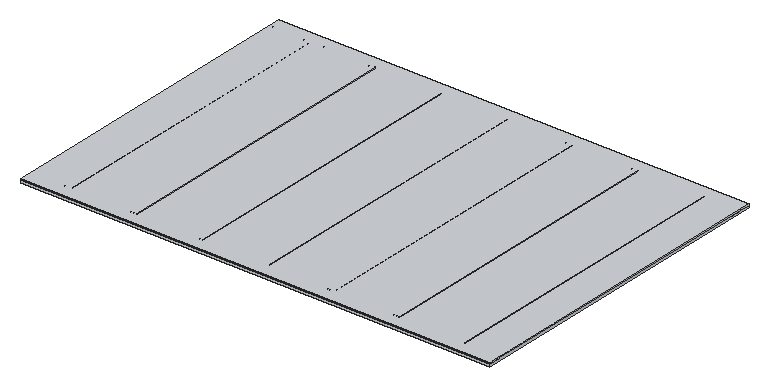
Revit family "GIS_BuildingRoof_Control", category Modelos genéricos, Revit 2027
Family settings
  Pode hospedar o vergalhão = Não
  Cota do conector redondo = Utilizar diâmetro
  Tipo de parte = Normal
  Com base no plano de trabalho = Não
  Sempre na vertical = Sim
  Corte com vazios quando carregada = Não
  Manter orientação da anotação = Não
  Compartilhado = Não
  Ponto de cálculo do ambiente = Não
Parameters (values of type "ROOF_CONTROL_22M_EST")
  Elevação padrão = 0 mm
  BIM_TensaoSecundaria_kV = 0
  BIM_TensaoNominal_kV = 0
  BIM_TensaoClasse_kV = 0
  BIM_TensaoClasseSecundaria_kV = 0
  BIM_Sistema_Elemento [instance] = ""
  BIM_ReferenciaCatalogo = "Portfolio estimate; structural design, HVAC and weatherproofing pending"
  BIM_Profundidade = 15600 mm
  BIM_Potencia_MVA = 0
  BIM_Localizacao [instance] = ""
  BIM_Largura = 22600 mm
  BIM_Impedancia_pu = 0
  BIM_FonteGeometria = "Portfolio estimate; structural design, HVAC and weatherproofing pending"
  BIM_Fabricante = "NAO SELECIONADO"
  BIM_EstadoGeometria = "ESTIMATED"
  BIM_EstadoEspecificacao = "PREMISSA / NAO SELECIONADO"
  BIM_DescricaoEstudo = "Cobertura conceitual para casa de controle; estrutura, cargas, ventilacao e impermeabilizacao pendentes."
  BIM_CorrenteReferenciaSecundaria_A = 0
  BIM_CorrenteNominal_A = 0
  BIM_Bay [instance] = ""
  BIM_AlturaCorpoPrincipal = 180 mm
  BIM_Altura = 180 mm
Reference planes
  plane 1 "Centro (Frente/Trás)": y = 0
  plane 2: z = 0
  plane 3 "Centro (Esquerda/Direita)": x = 0
  plane 4 "BIM Left": x = -11300
  plane 5 "BIM Right": x = 11300
  plane 6 "BIM Front": y = -7800
  plane 7 "BIM Back": y = 7800
Forms (mm)
  Extrusion 1, solid
    sketch origin (0, 0, 0) x (1, 0, 0) y (0, 1, 0)
      loop
        line (-11300, -7800) -> (11300, -7800) -> (11300, 7800) -> (-11300, 7800) -> (-11300, -7800)
    from 0 to 180 <- "BIM_AlturaCorpoPrincipal"
  Extrusion 2, solid
    sketch origin (0, 0, 14.4) x (1, 0, 0) y (0, 1, 0)
      loop
        line (-11300, -7800) -> (11300, -7800) -> (11300, 7800) -> (-11300, 7800) -> (-11300, -7800)
    from 0 to 93.6
  Extrusion 3, solid
    sketch origin (0, 0, 108) x (1, 0, 0) y (0, 1, 0)
      loop
        line (-9632.4, -7176) -> (-9351.6, -7176) -> (-9351.6, 7176) -> (-9632.4, 7176) -> (-9632.4, -7176)
    from 0 to 61.2
  Extrusion 4, solid
    sketch origin (0, 0, 108) x (1, 0, 0) y (0, 1, 0)
      loop
        line (-6468.4, -7176) -> (-6187.6, -7176) -> (-6187.6, 7176) -> (-6468.4, 7176) -> (-6468.4, -7176)
    from 0 to 61.2
  Extrusion 5, solid
    sketch origin (0, 0, 108) x (1, 0, 0) y (0, 1, 0)
      loop
        line (-3304.4, -7176) -> (-3023.6, -7176) -> (-3023.6, 7176) -> (-3304.4, 7176) -> (-3304.4, -7176)
    from 0 to 61.2
  Extrusion 6, solid
    sketch origin (0, 0, 108) x (1, 0, 0) y (0, 1, 0)
      loop
        line (-140.4, -7176) -> (140.4, -7176) -> (140.4, 7176) -> (-140.4, 7176) -> (-140.4, -7176)
    from 0 to 61.2
  Extrusion 7, solid
    sketch origin (0, 0, 108) x (1, 0, 0) y (0, 1, 0)
      loop
        line (3023.6, -7176) -> (3304.4, -7176) -> (3304.4, 7176) -> (3023.6, 7176) -> (3023.6, -7176)
    from 0 to 61.2
  Extrusion 8, solid
    sketch origin (0, 0, 108) x (1, 0, 0) y (0, 1, 0)
      loop
        line (6187.6, -7176) -> (6468.4, -7176) -> (6468.4, 7176) -> (6187.6, 7176) -> (6187.6, -7176)
    from 0 to 61.2
  Extrusion 9, solid
    sketch origin (0, 0, 108) x (1, 0, 0) y (0, 1, 0)
      loop
        line (9351.6, -7176) -> (9632.4, -7176) -> (9632.4, 7176) -> (9351.6, 7176) -> (9351.6, -7176)
    from 0 to 61.2
  Extrusion 10, solid
    sketch origin (0, 0, 108) x (1, 0, 0) y (0, 1, 0)
      loop
        line (-11300, -7800) -> (11300, -7800) -> (11300, -7254) -> (-11300, -7254) -> (-11300, -7800)
    from 0 to 61.2
  Extrusion 11, solid
    sketch origin (0, 0, 108) x (1, 0, 0) y (0, 1, 0)
      loop
        line (-11300, 7254) -> (11300, 7254) -> (11300, 7800) -> (-11300, 7800) -> (-11300, 7254)
    from 0 to 61.2
Dimensions and locks
  "BIM_Largura": plane 4 "BIM Left" to plane 5 "BIM Right"
  "BIM_Profundidade": plane 6 "BIM Front" to plane 7 "BIM Back"
  aligned and locked: level to plane 2
  aligned and locked: plane 4 "BIM Left" to Extrusion 1
  aligned and locked: Extrusion 1 to plane 5 "BIM Right"
  aligned and locked: Extrusion 1 to plane 6 "BIM Front"
  aligned and locked: plane 7 "BIM Back" to Extrusion 1
Automatic sketch dimensions
  Extrusion 1 sketch curve to plane 4 "BIM Left" = 0 mm
  Extrusion 1 sketch curve to plane 5 "BIM Right" = 0 mm
  Extrusion 1 sketch curve to plane 6 "BIM Front" = 0 mm
  Extrusion 1 sketch curve to plane 7 "BIM Back" = 0 mm
  Extrusion 2 sketch curve to plane 4 "BIM Left" = 0 mm
  Extrusion 2 sketch curve to plane 5 "BIM Right" = 0 mm
  Extrusion 2 sketch curve to plane 6 "BIM Front" = 0 mm
  Extrusion 2 sketch curve to plane 7 "BIM Back" = 0 mm
  plane 6 "BIM Front" to Extrusion 3 sketch curve = 624 mm
  Extrusion 3 sketch curve to plane 4 "BIM Left" = 1667.6 mm
  Extrusion 3 sketch curve to Extrusion 3 sketch curve = 280.8 mm
  Extrusion 3 sketch curve to plane 7 "BIM Back" = 624 mm
  plane 6 "BIM Front" to Extrusion 4 sketch curve = 624 mm
  Extrusion 4 sketch curve to plane 4 "BIM Left" = 4831.6 mm
  Extrusion 4 sketch curve to Extrusion 4 sketch curve = 280.8 mm
  Extrusion 4 sketch curve to plane 7 "BIM Back" = 624 mm
  plane 6 "BIM Front" to Extrusion 5 sketch curve = 624 mm
  Extrusion 5 sketch curve to plane 3 "Centro (Esquerda/Direita)" = 3304.4 mm
  Extrusion 5 sketch curve to Extrusion 5 sketch curve = 280.8 mm
  Extrusion 5 sketch curve to plane 7 "BIM Back" = 624 mm
  Extrusion 6 sketch curve to plane 3 "Centro (Esquerda/Direita)" = 140.4 mm
  plane 3 "Centro (Esquerda/Direita)" to Extrusion 6 sketch curve = 140.4 mm
  plane 6 "BIM Front" to Extrusion 6 sketch curve = 624 mm
  Extrusion 6 sketch curve to plane 7 "BIM Back" = 624 mm
  plane 6 "BIM Front" to Extrusion 7 sketch curve = 624 mm
  plane 3 "Centro (Esquerda/Direita)" to Extrusion 7 sketch curve = 3023.6 mm
  Extrusion 7 sketch curve to Extrusion 7 sketch curve = 280.8 mm
  Extrusion 7 sketch curve to plane 7 "BIM Back" = 624 mm
  plane 6 "BIM Front" to Extrusion 8 sketch curve = 624 mm
  plane 5 "BIM Right" to Extrusion 8 sketch curve = 5112.4 mm
  Extrusion 8 sketch curve to Extrusion 8 sketch curve = 280.8 mm
  Extrusion 8 sketch curve to plane 7 "BIM Back" = 624 mm
  plane 6 "BIM Front" to Extrusion 9 sketch curve = 624 mm
  plane 5 "BIM Right" to Extrusion 9 sketch curve = 1948.4 mm
  Extrusion 9 sketch curve to Extrusion 9 sketch curve = 280.8 mm
  Extrusion 9 sketch curve to plane 7 "BIM Back" = 624 mm
  Extrusion 10 sketch curve to plane 4 "BIM Left" = 0 mm
  Extrusion 10 sketch curve to plane 5 "BIM Right" = 0 mm
  Extrusion 10 sketch curve to plane 6 "BIM Front" = 0 mm
  plane 6 "BIM Front" to Extrusion 10 sketch curve = 546 mm
  Extrusion 11 sketch curve to plane 4 "BIM Left" = 0 mm
  Extrusion 11 sketch curve to plane 5 "BIM Right" = 0 mm
  Extrusion 11 sketch curve to plane 7 "BIM Back" = 0 mm
  Extrusion 11 sketch curve to Extrusion 11 sketch curve = 546 mm
